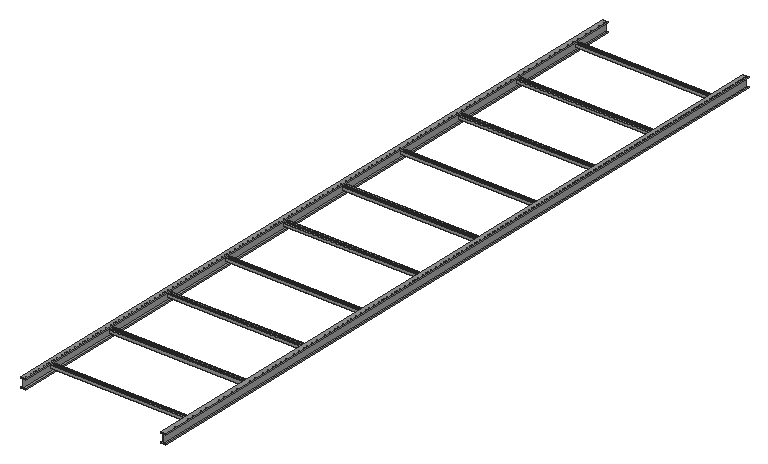
Revit family "Steigeleiter Industrie mit C40 Sprosse", category Generic Models, Revit 2015
Parameters (values of type "SLS 80 C40 12 FT")
  Width = 1200 mm
  URL = "http://www.obo-bettermann.com"
  Material = Steel, Galvanized
  Manufacturer Art.No. = "6013481"
  Manufacturer = "OBO Bettermann"
  GTIN = "4012196011711"
  Article Type = "SLS 80 C40 12FT"
Types (12, lengths in mm): name | Width | Manufacturer Art.No. | GTIN | Article Type
  (no name) | 1200 | "6013481" | "4012196011711" | "SLS 80 C40 12FT"
  SLS 80 C40 10 FT | 1000 | "6013465" | "4012196011599" | "SLS 80 C40 10FT"
  SLS 80 C40 2 FT | 200 | "6013384" | "4012196358632" | "SLS 80 C40 2 FT"
  SLS 80 C40 3 FT | 300 | "6013392" | "4012196358694" | "SLS 80 C40 3 FT"
  SLS 80 C40 4 FT | 400 | "6013406" | "4012196011230" | "SLS 80 C40 4 FT"
  SLS 80 C40 5 FT | 500 | "6013414" | "4012196011292" | "SLS 80 C40 5 FT"
  SLS 80 C40 6 FT | 600 | "6013422" | "4012196011353" | "SLS 80 C40 6 FT"
  SLS 80 C40 7 FT | 700 | "6013430" | "4012196011414" | "SLS 80 C40 7 FT"
  SLS 80 C40 8 FT | 800 | "6013449" | "4012196011476" | "SLS 80 C40 8 FT"
  SLS 80 C40 9 FT | 900 | "6013457" | "4012196011537" | "SLS 80 C40 9 FT"
  SLS 80 C40 11 FT | 1100 | "6013473" | "4012196011650" | "SLS 80 C40 11FT"
  SLS 80 C40 12 FT | 1200 | "6013481" | "4012196011711" | "SLS 80 C40 12FT"
Reference planes
  plane 1 "Center (Front/Back)": y = 0
  plane 2: z = 0
  plane 3 "Center (Left/Right)": x = 0
  plane 4: z = 80.163
  plane 5: x = 1199.222
  plane 6: x = 64.222
  plane 7: x = 1203.222
  plane 8: x = 22.222
  plane 9: z = 75.463
  plane 10: z = 4.7
  plane 11: x = 1222.222
  plane 12: x = 1180.222
  plane 13: x = 45.222
  plane 14: x = 41.222
  plane 15: y = 6000
  plane 16: y = 280
  plane 17: y = 320
  plane 18: z = 51.413
  plane 19: z = 28.913
  plane 20: y = 318
  plane 21: z = 49.413
  plane 22: y = 282
  plane 23: z = 30.913
  plane 24: y = 291
  plane 25: y = 309
  plane 26: y = 880
  plane 27: y = 920
  plane 28: z = 51.413
  plane 29: z = 28.913
  plane 30: y = 918
  plane 31: z = 49.413
  plane 32: y = 882
  plane 33: z = 30.913
  plane 34: y = 891
  plane 35: y = 909
  plane 36: y = 1480
  plane 37: y = 1520
  plane 38: z = 51.413
  plane 39: z = 28.913
  plane 40: y = 1518
  plane 41: z = 49.413
  plane 42: y = 1482
  plane 43: z = 30.913
  plane 44: y = 1491
  plane 45: y = 1509
  plane 46: y = 2080
  plane 47: y = 2120
  plane 48: z = 51.413
  plane 49: z = 28.913
  plane 50: y = 2118
  plane 51: z = 49.413
  plane 52: y = 2082
  plane 53: z = 30.913
  plane 54: y = 2091
  plane 55: y = 2109
  plane 56: y = 2680
  plane 57: y = 2720
  plane 58: z = 51.413
  plane 59: z = 28.913
  plane 60: y = 2718
  plane 61: z = 49.413
  plane 62: y = 2682
  plane 63: z = 30.913
  plane 64: y = 2691
  plane 65: y = 2709
  plane 66: y = 3280
  plane 67: y = 3320
  plane 68: z = 51.413
  plane 69: z = 28.913
  plane 70: y = 3318
  plane 71: z = 49.413
  plane 72: y = 3282
  plane 73: z = 30.913
  plane 74: y = 3291
  plane 75: y = 3309
  plane 76: y = 3880
  plane 77: y = 3920
  plane 78: z = 51.413
  plane 79: z = 28.913
  plane 80: y = 3918
  plane 81: z = 49.413
  plane 82: y = 3882
  plane 83: z = 30.913
  plane 84: y = 3891
  plane 85: y = 3909
  plane 86: y = 4480
  plane 87: y = 4520
  plane 88: z = 51.413
  plane 89: z = 28.913
  plane 90: y = 4518
  plane 91: z = 49.413
  plane 92: y = 4482
  plane 93: z = 30.913
  plane 94: y = 4491
  plane 95: y = 4509
  plane 96: y = 5080
  plane 97: y = 5120
  plane 98: z = 51.413
  plane 99: z = 28.913
  plane 100: y = 5118
  plane 101: z = 49.413
  plane 102: y = 5082
  plane 103: z = 30.913
  plane 104: y = 5091
  plane 105: y = 5109
  plane 106: y = 5680
  plane 107: y = 5720
  plane 108: z = 51.413
  plane 109: z = 28.913
  plane 110: y = 5718
  plane 111: z = 49.413
  plane 112: y = 5682
  plane 113: z = 30.913
  plane 114: y = 5691
  plane 115: y = 5709
Forms (mm)
  Extrusion 1, solid, material "Steel, Galvanized" <- "Material"
    sketch origin (0, 0, 0) x (1, 0, 0) y (0, 0, 1)
      loop
        line (22.222, 0) -> (64.222, 0) -> (64.222, 4.7) -> (45.222, 4.7) -> (45.222, 75.463) -> (64.222, 75.463) -> (64.222, 80.163) -> (22.222, 80.163) -> (22.222, 75.463) -> (41.222, 75.463) -> (41.222, 4.7) -> (22.222, 4.7) -> (22.222, 0)
      loop
        line (1180.222, 75.463) -> (1199.222, 75.463) -> (1199.222, 4.7) -> (1180.222, 4.7) -> (1180.222, 0) -> (1222.222, 0) -> (1222.222, 4.7) -> (1203.222, 4.7) -> (1203.222, 75.463) -> (1222.222, 75.463) -> (1222.222, 80.163) -> (1180.222, 80.163) -> (1180.222, 75.463)
    from 0 to -6000
  Extrusion 2, solid, material "Steel, Galvanized" <- "Material"
    sketch origin (0, 0, 0) x (0, 1, 0) y (0, 0, 1)
      loop
        line (309, 49.413) -> (318, 49.413) -> (318, 30.913) -> (282, 30.913) -> (282, 49.413) -> (291, 49.413) -> (291, 51.413) -> (280, 51.413) -> (280, 28.913) -> (320, 28.913) -> (320, 51.413) -> (309, 51.413) -> (309, 49.413)
      loop
        line (918, 49.413) -> (918, 30.913) -> (882, 30.913) -> (882, 49.413) -> (891, 49.413) -> (891, 51.413) -> (880, 51.413) -> (880, 28.913) -> (920, 28.913) -> (920, 51.413) -> (909, 51.413) -> (909, 49.413) -> (918, 49.413)
      loop
        line (1482, 49.413) -> (1491, 49.413) -> (1491, 51.413) -> (1480, 51.413) -> (1480, 28.913) -> (1520, 28.913) -> (1520, 51.413) -> (1509, 51.413) -> (1509, 49.413) -> (1518, 49.413) -> (1518, 30.913) -> (1482, 30.913) -> (1482, 49.413)
      loop
        line (2082, 49.413) -> (2091, 49.413) -> (2091, 51.413) -> (2080, 51.413) -> (2080, 28.913) -> (2120, 28.913) -> (2120, 51.413) -> (2109, 51.413) -> (2109, 49.413) -> (2118, 49.413) -> (2118, 30.913) -> (2082, 30.913) -> (2082, 49.413)
      loop
        line (2680, 28.913) -> (2720, 28.913) -> (2720, 51.413) -> (2709, 51.413) -> (2709, 49.413) -> (2718, 49.413) -> (2718, 30.913) -> (2682, 30.913) -> (2682, 49.413) -> (2691, 49.413) -> (2691, 51.413) -> (2680, 51.413) -> (2680, 28.913)
      loop
        line (3291, 49.413) -> (3291, 51.413) -> (3280, 51.413) -> (3280, 28.913) -> (3320, 28.913) -> (3320, 51.413) -> (3309, 51.413) -> (3309, 49.413) -> (3318, 49.413) -> (3318, 30.913) -> (3282, 30.913) -> (3282, 49.413) -> (3291, 49.413)
      loop
        line (3880, 28.913) -> (3920, 28.913) -> (3920, 51.413) -> (3909, 51.413) -> (3909, 49.413) -> (3918, 49.413) -> (3918, 30.913) -> (3882, 30.913) -> (3882, 49.413) -> (3891, 49.413) -> (3891, 51.413) -> (3880, 51.413) -> (3880, 28.913)
      loop
        line (4482, 30.913) -> (4482, 49.413) -> (4491, 49.413) -> (4491, 51.413) -> (4480, 51.413) -> (4480, 28.913) -> (4520, 28.913) -> (4520, 51.413) -> (4509, 51.413) -> (4509, 49.413) -> (4518, 49.413) -> (4518, 30.913) -> (4482, 30.913)
      loop
        line (5082, 30.913) -> (5082, 49.413) -> (5091, 49.413) -> (5091, 51.413) -> (5080, 51.413) -> (5080, 28.913) -> (5120, 28.913) -> (5120, 51.413) -> (5109, 51.413) -> (5109, 49.413) -> (5118, 49.413) -> (5118, 30.913) -> (5082, 30.913)
      loop
        line (5682, 30.913) -> (5682, 49.413) -> (5691, 49.413) -> (5691, 51.413) -> (5680, 51.413) -> (5680, 28.913) -> (5720, 28.913) -> (5720, 51.413) -> (5709, 51.413) -> (5709, 49.413) -> (5718, 49.413) -> (5718, 30.913) -> (5682, 30.913)
    from 45.222 to 1199.222
Dimensions and locks
  locked: plane 12 to plane 11 at 42
  locked: plane 7 to plane 11 at 19
  locked: plane 8 to plane 6 at 42
  locked: plane 12 to plane 5 at 19
  locked: plane 13 to plane 6 at 19
  locked: plane 8 to plane 14 at 19
  locked: plane 9 to plane 4 at 4.7
  locked: level to plane 10 at 4.7
  plane 3 "Center (Left/Right)" to plane 8 to plane 11 = 22.222 mm, 1200 mm
  plane 15 to plane 1 "Center (Front/Back)" = 6000 mm
  locked: plane 17 to plane 16 at 40
  locked: plane 16 to plane 1 "Center (Front/Back)" at 280
  locked: plane 4 to plane 18 at 28.75
  locked: plane 18 to plane 19 at 22.5
  locked: plane 23 to plane 19 at 2
  locked: plane 18 to plane 21 at 2
  locked: plane 22 to plane 16 at 2
  locked: plane 17 to plane 20 at 2
  locked: plane 25 to plane 24 at 18
  locked: plane 17 to plane 25 at 11
  "Width": plane 8 to plane 11
  locked: plane 27 to plane 26 at 40
  locked: plane 28 to plane 29 at 22.5
  locked: plane 33 to plane 29 at 2
  locked: plane 28 to plane 31 at 2
  locked: plane 32 to plane 26 at 2
  locked: plane 27 to plane 30 at 2
  locked: plane 35 to plane 34 at 18
  locked: plane 27 to plane 35 at 11
  locked: plane 37 to plane 36 at 40
  locked: plane 38 to plane 39 at 22.5
  locked: plane 43 to plane 39 at 2
  locked: plane 38 to plane 41 at 2
  locked: plane 42 to plane 36 at 2
  locked: plane 37 to plane 40 at 2
  locked: plane 45 to plane 44 at 18
  locked: plane 37 to plane 45 at 11
  locked: plane 47 to plane 46 at 40
  locked: plane 48 to plane 49 at 22.5
  locked: plane 53 to plane 49 at 2
  locked: plane 48 to plane 51 at 2
  locked: plane 52 to plane 46 at 2
  locked: plane 47 to plane 50 at 2
  locked: plane 55 to plane 54 at 18
  locked: plane 47 to plane 55 at 11
  locked: plane 57 to plane 56 at 40
  locked: plane 58 to plane 59 at 22.5
  locked: plane 63 to plane 59 at 2
  locked: plane 58 to plane 61 at 2
  locked: plane 62 to plane 56 at 2
  locked: plane 57 to plane 60 at 2
  locked: plane 65 to plane 64 at 18
  locked: plane 57 to plane 65 at 11
  locked: plane 67 to plane 66 at 40
  locked: plane 68 to plane 69 at 22.5
  locked: plane 73 to plane 69 at 2
  locked: plane 68 to plane 71 at 2
  locked: plane 72 to plane 66 at 2
  locked: plane 67 to plane 70 at 2
  locked: plane 75 to plane 74 at 18
  locked: plane 67 to plane 75 at 11
  locked: plane 77 to plane 76 at 40
  locked: plane 78 to plane 79 at 22.5
  locked: plane 83 to plane 79 at 2
  locked: plane 78 to plane 81 at 2
  locked: plane 82 to plane 76 at 2
  locked: plane 77 to plane 80 at 2
  locked: plane 85 to plane 84 at 18
  locked: plane 77 to plane 85 at 11
  locked: plane 87 to plane 86 at 40
  locked: plane 88 to plane 89 at 22.5
  locked: plane 93 to plane 89 at 2
  locked: plane 88 to plane 91 at 2
  locked: plane 92 to plane 86 at 2
  locked: plane 87 to plane 90 at 2
  locked: plane 95 to plane 94 at 18
  locked: plane 87 to plane 95 at 11
  locked: plane 97 to plane 96 at 40
  locked: plane 98 to plane 99 at 22.5
  locked: plane 103 to plane 99 at 2
  locked: plane 98 to plane 101 at 2
  locked: plane 102 to plane 96 at 2
  locked: plane 97 to plane 100 at 2
  locked: plane 105 to plane 104 at 18
  locked: plane 97 to plane 105 at 11
  locked: plane 107 to plane 106 at 40
  locked: plane 108 to plane 109 at 22.5
  locked: plane 113 to plane 109 at 2
  locked: plane 108 to plane 111 at 2
  locked: plane 112 to plane 106 at 2
  locked: plane 107 to plane 110 at 2
  locked: plane 115 to plane 114 at 18
  locked: plane 107 to plane 115 at 11
  locked: plane 106 to plane 16 at 5400
  locked: plane 26 to plane 16 at 600
  locked: plane 36 to plane 16 at 1200
  locked: plane 46 to plane 16 at 1800
  locked: plane 56 to plane 16 at 2400
  locked: plane 66 to plane 16 at 3000
  locked: plane 76 to plane 16 at 3600
  locked: plane 86 to plane 16 at 4200
  locked: plane 96 to plane 16 at 4800
  aligned and locked: level to plane 2
  aligned and locked: plane 2 to Extrusion 1 sketch curve  (x3)
  aligned and locked: Extrusion 1 sketch curve to plane 10  (x2)
  aligned and locked: Extrusion 1 sketch curve to plane 14
  aligned and locked: plane 9 to Extrusion 1 sketch curve  (x2)
  aligned and locked: Extrusion 1 sketch curve to plane 8
  aligned and locked: Extrusion 1 sketch curve to plane 4
  aligned and locked: plane 6 to Extrusion 1 sketch curve  (x2)
  aligned and locked: plane 13 to Extrusion 1 sketch curve
  aligned and locked: Extrusion 1 sketch curve to plane 12  (x2)
  aligned and locked: plane 4 to Extrusion 1 sketch curve
  aligned and locked: plane 11 to Extrusion 1 sketch curve  (x2)
  aligned and locked: Extrusion 1 sketch curve to plane 9  (x2)
  aligned and locked: plane 7 to Extrusion 1 sketch curve
  aligned and locked: plane 10 to Extrusion 1 sketch curve  (x2)
  aligned and locked: Extrusion 1 sketch curve to plane 5
  aligned and locked: Extrusion 1 to plane 15
  aligned and locked: plane 1 "Center (Front/Back)" to Extrusion 1
  aligned and locked: plane 8 to Extrusion 1
  aligned and locked: Extrusion 2 sketch curve to plane 18  (x2)
  aligned and locked: Extrusion 2 sketch curve to plane 17
  aligned and locked: plane 19 to Extrusion 2 sketch curve
  aligned and locked: plane 16 to Extrusion 2 sketch curve
  aligned and locked: plane 24 to Extrusion 2 sketch curve
  aligned and locked: plane 21 to Extrusion 2 sketch curve
  aligned and locked: plane 22 to Extrusion 2 sketch curve
  aligned and locked: Extrusion 2 sketch curve to plane 21
  aligned and locked: plane 20 to Extrusion 2 sketch curve
  aligned and locked: plane 23 to Extrusion 2 sketch curve
  aligned and locked: plane 31 to Extrusion 2 sketch curve  (x2)
  aligned and locked: Extrusion 2 sketch curve to plane 35
  aligned and locked: Extrusion 2 sketch curve to plane 28  (x2)
  aligned and locked: Extrusion 2 sketch curve to plane 27
  aligned and locked: plane 29 to Extrusion 2 sketch curve
  aligned and locked: plane 26 to Extrusion 2 sketch curve
  aligned and locked: plane 34 to Extrusion 2 sketch curve
  aligned and locked: plane 32 to Extrusion 2 sketch curve
  aligned and locked: Extrusion 2 sketch curve to plane 33
  aligned and locked: Extrusion 2 sketch curve to plane 30
  aligned and locked: Extrusion 2 sketch curve to plane 41  (x2)
  aligned and locked: Extrusion 2 sketch curve to plane 44
  aligned and locked: plane 38 to Extrusion 2 sketch curve  (x2)
  aligned and locked: Extrusion 2 sketch curve to plane 36
  aligned and locked: Extrusion 2 sketch curve to plane 39
  aligned and locked: plane 37 to Extrusion 2 sketch curve
  aligned and locked: plane 45 to Extrusion 2 sketch curve
  aligned and locked: plane 40 to Extrusion 2 sketch curve
  aligned and locked: plane 43 to Extrusion 2 sketch curve
  aligned and locked: Extrusion 2 sketch curve to plane 42
  aligned and locked: Extrusion 2 sketch curve to plane 51  (x2)
  aligned and locked: Extrusion 2 sketch curve to plane 54
  aligned and locked: plane 48 to Extrusion 2 sketch curve  (x2)
  aligned and locked: Extrusion 2 sketch curve to plane 46
  aligned and locked: Extrusion 2 sketch curve to plane 49
  aligned and locked: plane 47 to Extrusion 2 sketch curve
  aligned and locked: plane 55 to Extrusion 2 sketch curve
  aligned and locked: plane 50 to Extrusion 2 sketch curve
  aligned and locked: plane 53 to Extrusion 2 sketch curve
  aligned and locked: Extrusion 2 sketch curve to plane 52
  aligned and locked: plane 56 to Extrusion 2 sketch curve
  aligned and locked: Extrusion 2 sketch curve to plane 58  (x2)
  aligned and locked: plane 64 to Extrusion 2 sketch curve
  aligned and locked: plane 61 to Extrusion 2 sketch curve  (x2)
  aligned and locked: plane 62 to Extrusion 2 sketch curve
  aligned and locked: Extrusion 2 sketch curve to plane 63
  aligned and locked: Extrusion 2 sketch curve to plane 60
  aligned and locked: Extrusion 2 sketch curve to plane 65
  aligned and locked: Extrusion 2 sketch curve to plane 57
  aligned and locked: plane 59 to Extrusion 2 sketch curve
  aligned and locked: Extrusion 2 sketch curve to plane 74
  aligned and locked: plane 68 to Extrusion 2 sketch curve  (x2)
  aligned and locked: Extrusion 2 sketch curve to plane 66
  aligned and locked: Extrusion 2 sketch curve to plane 69
  aligned and locked: plane 67 to Extrusion 2 sketch curve
  aligned and locked: plane 75 to Extrusion 2 sketch curve
  aligned and locked: Extrusion 2 sketch curve to plane 71  (x2)
  aligned and locked: plane 70 to Extrusion 2 sketch curve
  aligned and locked: plane 73 to Extrusion 2 sketch curve
  aligned and locked: Extrusion 2 sketch curve to plane 72
  aligned and locked: plane 76 to Extrusion 2 sketch curve
  aligned and locked: Extrusion 2 sketch curve to plane 78  (x2)
  aligned and locked: plane 84 to Extrusion 2 sketch curve
  aligned and locked: plane 81 to Extrusion 2 sketch curve  (x2)
  aligned and locked: plane 82 to Extrusion 2 sketch curve
  aligned and locked: Extrusion 2 sketch curve to plane 83
  aligned and locked: Extrusion 2 sketch curve to plane 80
  aligned and locked: Extrusion 2 sketch curve to plane 85
  aligned and locked: Extrusion 2 sketch curve to plane 77
  aligned and locked: plane 79 to Extrusion 2 sketch curve
  aligned and locked: Extrusion 2 sketch curve to plane 92
  aligned and locked: Extrusion 2 sketch curve to plane 91  (x2)
  aligned and locked: Extrusion 2 sketch curve to plane 94
  aligned and locked: plane 88 to Extrusion 2 sketch curve  (x2)
  aligned and locked: Extrusion 2 sketch curve to plane 86
  aligned and locked: Extrusion 2 sketch curve to plane 89
  aligned and locked: plane 87 to Extrusion 2 sketch curve
  aligned and locked: plane 95 to Extrusion 2 sketch curve
  aligned and locked: plane 90 to Extrusion 2 sketch curve
  aligned and locked: plane 93 to Extrusion 2 sketch curve
  aligned and locked: Extrusion 2 sketch curve to plane 102
  aligned and locked: Extrusion 2 sketch curve to plane 101  (x2)
  aligned and locked: Extrusion 2 sketch curve to plane 104
  aligned and locked: plane 98 to Extrusion 2 sketch curve  (x2)
  aligned and locked: Extrusion 2 sketch curve to plane 96
  aligned and locked: Extrusion 2 sketch curve to plane 99
  aligned and locked: plane 97 to Extrusion 2 sketch curve
  aligned and locked: plane 105 to Extrusion 2 sketch curve
  aligned and locked: plane 100 to Extrusion 2 sketch curve
  aligned and locked: plane 103 to Extrusion 2 sketch curve
  aligned and locked: Extrusion 2 sketch curve to plane 112
  aligned and locked: Extrusion 2 sketch curve to plane 111  (x2)
  aligned and locked: Extrusion 2 sketch curve to plane 114
  aligned and locked: plane 108 to Extrusion 2 sketch curve  (x2)
  aligned and locked: Extrusion 2 sketch curve to plane 106
  aligned and locked: Extrusion 2 sketch curve to plane 109
  aligned and locked: plane 107 to Extrusion 2 sketch curve
  aligned and locked: plane 115 to Extrusion 2 sketch curve
  aligned and locked: plane 110 to Extrusion 2 sketch curve
  aligned and locked: plane 113 to Extrusion 2 sketch curve
  aligned and locked: Extrusion 2 to Extrusion 1  (x2)
Automatic sketch dimensions
  plane 8 to Extrusion 1 sketch curve = 0 mm
  Extrusion 2 sketch curve to plane 25 = 0 mm
